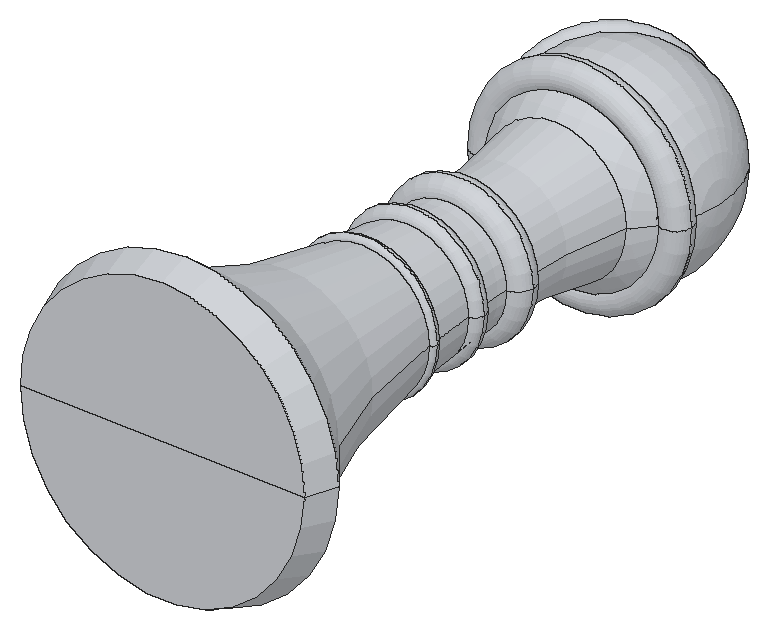
Revit family "Void", category Modelos genéricos, Revit 2020
Family settings
  Pode hospedar o vergalhão = Não
  Cota do conector redondo = Utilizar diâmetro
  Tipo de parte = Normal
  Com base no plano de trabalho = Não
  Sempre na vertical = Sim
  Corte com vazios quando carregada = Não
  Compartilhado = Não
  Ponto de cálculo do ambiente = Não
Parameters
  Elevação padrão = 0 mm
Reference planes
  plane 1 "Centro (Frente/Trás)": y = 0
  plane 2: z = 0
  plane 3 "Centro (Esquerda/Direita)": x = 0
Forms (mm)
  Revolve 1, solid
    sketch origin (0, 0, 0) x (1, 0, 0) y (0, 1, 0)
      loop
        line (-2000, 0) -> (2000, 0)
        arc (2000, 0) -> (0, 2000) -> (-2000, 0) r 2000
      axis (-2000, 0) -> (2000, 0)
    angle from 0 to 360
  Revolve 2, solid
    sketch origin (0, 0, 0) x (1, 0, 0) y (0, 1, 0)
      loop
        circle (-1820.244, -820.244) r 300
      axis (0, -820.244) -> (0, -821.244)
    angle from 0 to 360
  Revolve 3, solid
    sketch origin (0, 0, 0) x (1, 0, 0) y (0, 1, 0)
      loop
        spline (-1360, -1460) -> (-1239.872, -1975.931) -> (-1161.711, -2636.74) -> (-1126.671, -3411.275) -> (-1135.907, -4268.387) -> (-1190.575, -5176.925) -> (-1291.831, -6105.739) -> (-1440.828, -7023.679) -> (-1638.723, -7899.594) -> (-1886.671, -8702.334) -> (-2185.826, -9400.748) -> (-2537.345, -9963.687) -> (-2942.382, -10360)
        line (-2942.382, -10360) -> (-2737.17, -10923.816) -> (0, -10923.816) -> (0, -10360) -> (0, -1460) -> (-1055.662, -1361.115) -> (-1360, -1460)
      axis (0, -1361.115) -> (0, -10923.816)
    angle from 0 to 360
  Revolve 4, solid
    sketch origin (0, 0, 0) x (1, 0, 0) y (0, 1, 0)
      loop
        circle (-1126.261, -3764.174) r 300
      loop
        circle (-1168.253, -4867.973) r 200
      loop
        circle (-1282.233, -6022.764) r 100
      axis (0, -3764.174) -> (0, -6022.764)
    angle from 0 to 360
  Revolve 5, solid
    sketch origin (0, 0, 0) x (1, 0, 0) y (0, 1, 0)
      loop
        circle (-1991.376, -191.483) r 200
      axis (-799.946, 799.946) -> (-999.946, 999.946)
    angle from 0 to 360
Dimensions and locks
  aligned and locked: level to plane 2
